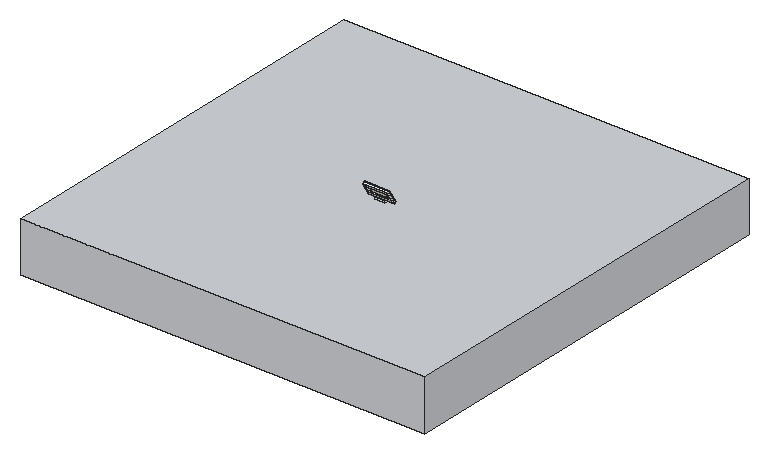
Revit family "Toilet_Paper_Holder-Grohe-Selection-40781000", category Specialty Equipment, host Face, Revit 2014
Parameters (values of type "40781000")
  Width = 5.70866"
  URL = "https://www.grohe.us"
  Type Comments = ""
  Product Page URL = "https://www.grohe.us/en_us/selection-cube-toilet-paper-holder-40781000.html"
  Price = "Prices may vary. Please consult Manufacturer Representative for most up-to-date price list."  # constant formula
  Model = "40781000"
  Material = "Metal-Grohe-000-Chrome"
  Manufacturer = "Grohe"
  Length = 3.74016"
  Installation Type = "Wall Mounted"
  Height = 2.83465"
  Finish = Metal-Grohe-000-Chrome
  Description = "Selection Cube Toilet Paper Holder"
  Default Elevation = 16"
  Creation Date = "7/6/2017"  # constant formula
  Assembly Code = "D2010710"
Reference planes (in)
  plane 1 "Center (Front/Back)": y = 0
  plane 2: z = 0
  plane 3 "Center (Left/Right)": x = 0
  plane 4: x = -2.85433
  plane 5: x = 2.85433
  plane 6: x = -1.1811
  plane 7: x = 1.1811
  plane 8: z = 3.74016
  plane 9: y = -2.83465
Forms (in)
  Extrusion 1, solid
    sketch origin (0, 0, 0) x (1, 0, 0) y (0, 1, 0)
      loop
        line (-48, 48) -> (-48, -48) -> (48, -48) -> (48, 48) -> (-48, 48)
    from 0 to -12
  Extrusion 2, solid, material "Metal-Grohe-000-Chrome"
    sketch origin (0, 0, 0) x (0, 1, 0) y (0, 0, 1)
      loop
        line (0, 0) -> (-0.53606, 0.82546) -> (-1.19643, 0.39661) -> (-1.19643, 0) -> (0, 0)
    from -1.1811 to 1.1811
  Extrusion 3, solid, material "Metal-Grohe-000-Chrome"
    sketch origin (0, 0, 0) x (0, 1, 0) y (0, 0, 1)
      loop
        line (-0.27935, 0.40538) -> (-2.31724, 3.74016) -> (-2.39588, 3.6921) -> (-0.61338, 0.77525) -> (-0.86625, 0.61104) -> (-0.59822, 0.19831) -> (-0.27935, 0.40538)
    from -2.85433 to 2.85433
  Extrusion 4, void
    sketch origin (0, 0, 0) x (1, 0, 0) y (0, 0, 1)
      loop
        line (1.1811, 0.82546) -> (-1.1811, 0.82546) -> (-1.1811, 0) -> (1.1811, 0) -> (1.1811, 0.82546)
    from -0.9877 to 3.00267
  Extrusion 5, solid, material "Metal-Grohe-000-Chrome"
    sketch origin (0, 0, 0) x (0, 1, 0) y (0, 0, 1)
      loop
        line (-0.61338, 0.77525) -> (-2.39588, 3.6921) -> (-2.83465, 3.42397) -> (-1.0448, 0.49509) -> (-0.61338, 0.77525)
    from -2.85433 to 2.85433
  Extrusion 6, void
    sketch origin (-9.84252, 0.31426, 0.43359) x (1, 0, 0) y (0, -0.521445, 0.853285)
      loop
        line (7.38189, 3.79993) -> (7.38189, 1.16895) -> (12.30315, 1.16895) -> (12.30315, 3.79993) -> (7.38189, 3.79993)
    from 0.61338 to 1.12759
Cuts and joins
  Extrusion 4 cuts Extrusion 3
  Extrusion 6 cuts Extrusion 5
Lines and regions (in)
  Masking region 1
    outline origin (0, 0, 0) x (1, 0, 0) y (0, 0, 1)
      loop
        line (1.1811, 0) -> (1.1811, 0.19831) -> (2.85433, 0.19831) -> (2.85433, 3.74016) -> (-2.85433, 3.74016) -> (-2.85433, 0.19831) -> (-1.1811, 0.19831) -> (-1.1811, 0) -> (1.1811, 0)
  symbolic lines, detail levels medium+fine
    curve 1: line (1.1811, 0, 0.82546) -> (-1.1811, 0, 0.82546)
    curve 2: line (1.1811, 0, 0.82546) -> (1.1811, 0, 0.19831)
    curve 3: line (-1.1811, 0, 0.82546) -> (-1.1811, 0, 0.19831)
Dimensions and locks (in)
  aligned and locked: plane 2 to Extrusion 1
  aligned and locked: level to Extrusion 1
